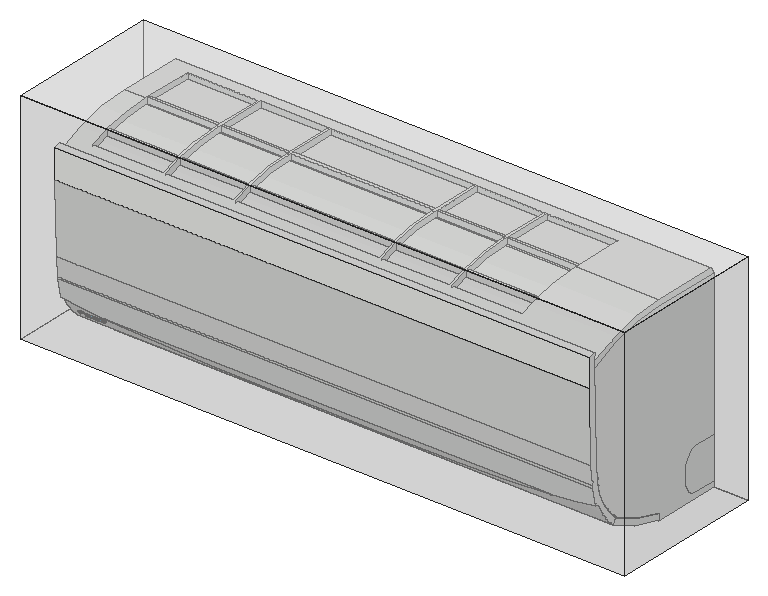
Revit family "outputfile", category 機械設備, Revit 2024
Family settings
  丸型コネクタ寸法 = 半径を使用
  パーツ タイプ = 標準
  OmniClass 番号 = 23.75.10.24.21.27.27
  OmniClass タイトル = Split System Air Conditioning Units
  作業面ベース = いいえ
  常に垂直 = はい
  ロード時にボイドで切り取り = いいえ
  注釈の向きを維持 = いいえ
  共有 = いいえ
  部屋計算ポイント = いいえ
Parameters (values of type "CTXM25RVMA")
  Description = ""
  書き出し IFC クラス(タイプ) = "IfcUnitaryEquipmentType"
  定義済み IFC タイプ(タイプ) = "AIRCONDITIONINGUNIT"
  Cost = 0
  Type Comments = ""
  Keynote = ""
  Type Image = (empty or 0)
  Assembly Code = ""
  w_wall hole = if(Width = 770.0 mm, 48.0 mm, if(Width = 990.0 mm, 60.0 mm, 89.0 mm))  # 48.0 mm
  製造元 = "Daikin"
  モデル = "CTXM25RVMA"
  switch_frequency = yes
  r_Liquid Pipe Size = Liquid Pipe Size / 2  # 3.2 mm
  r_Gas Pipe Size = Gas Pipe Size / 2  # 4.75 mm
  r_Drain Pipe Size = Drain Pipe Size / 2  # 8.0 mm
  lw_powersupply [instance] = if(Width = 770.0 mm, if(or(Rear Right Connection_refrigerant, Bottom Right Connection_refrigerant), 25.0 mm, if(or(Rear Left Connection_refrigerant, Bottom Left Connection_refrigerant), 745.0 mm, 400.0 mm)), if(Width = 990.0 mm, if(or(Rear Right Connection_refrigerant, Bottom Right Connection_refrigerant), 40.0 mm, if(or(Rear Left Connection_refrigerant, Bottom Left Connection_refrigerant), 920.0 mm, 400.0 mm)), if(Width = 1200.0 mm, if(or(Rear Right Connection_refrigerant, Bottom Right Connection_refrigerant), 89.0 mm - 19.0 mm, if(or(Rear Left Connection_refrigerant, Bottom Left Connection_refrigerant), 675.0 mm + (990.0 mm - 770.0 mm) + 145.0 mm + 22.0 mm + 89.0 mm, 400.0 mm)), if(or(Rear Right Connection_refrigerant, Bottom Right Connection_refrigerant), 89.0 mm - 19.0 mm, if(or(Rear Left Connection_refrigerant, Bottom Left Connection_refrigerant), 675.0 mm + (990.0 mm - 770.0 mm) + 145.0 mm + 22.0 mm + 89.0 mm, 400.0 mm)))))  # 400.0 mm
  lw_liquidpipe [instance] = if(Width = 770.0 mm, if(or(Rear Right Connection_refrigerant, Bottom Right Connection_refrigerant), 0.0 mm, if(or(Rear Left Connection_refrigerant, Bottom Left Connection_refrigerant), 664.0 mm, 385.0 mm)), if(Width = 990.0 mm, if(or(Rear Right Connection_refrigerant, Bottom Right Connection_refrigerant), 0.0 mm, if(or(Rear Left Connection_refrigerant, Bottom Left Connection_refrigerant), 664.0 mm + (990.0 mm - 770.0 mm), 475.0 mm)), if(Width = 1200.0 mm, if(or(Rear Right Connection_refrigerant, Bottom Right Connection_refrigerant), 0.0 mm, if(or(Rear Left Connection_refrigerant, Bottom Left Connection_refrigerant), 664.0 mm + (990.0 mm - 770.0 mm) + 145.0 mm, 460.0 mm)), if(or(Rear Right Connection_refrigerant, Bottom Right Connection_refrigerant), 0.0 mm, if(or(Rear Left Connection_refrigerant, Bottom Left Connection_refrigerant), 664.0 mm + (990.0 mm - 770.0 mm) + 145.0 mm, 460.0 mm)))))  # 385.0 mm
  lw_gaspipe [instance] = if(Width = 770.0 mm, if(or(Rear Right Connection_refrigerant, Bottom Right Connection_refrigerant), 0.0 mm, if(or(Rear Left Connection_refrigerant, Bottom Left Connection_refrigerant), 675.0 mm, if(Gas Pipe Size = 12.7 mm, 345.0 mm, 335.0 mm))), if(Width = 990.0 mm, if(or(Rear Right Connection_refrigerant, Bottom Right Connection_refrigerant), 10.0 mm, if(or(Rear Left Connection_refrigerant, Bottom Left Connection_refrigerant), 890.0 mm, if(Gas Pipe Size = 15.9 mm, 410.0 mm, 400.0 mm))), if(Width = 1200.0 mm, if(or(Rear Right Connection_refrigerant, Bottom Right Connection_refrigerant), 10.0 mm, if(or(Rear Left Connection_refrigerant, Bottom Left Connection_refrigerant), 675.0 mm + (990.0 mm - 770.0 mm) + 145.0 mm, 400.0 mm)), if(or(Rear Right Connection_refrigerant, Bottom Right Connection_refrigerant), 10.0 mm, if(or(Rear Left Connection_refrigerant, Bottom Left Connection_refrigerant), 675.0 mm + (990.0 mm - 770.0 mm) + 145.0 mm, 400.0 mm)))))  # 335.0 mm
  lw_drainpipe [instance] = if(Width = 770.0 mm, if(or(Rear Right Connection_refrigerant, Bottom Right Connection_refrigerant), 0.0 mm, if(or(Rear Left Connection_refrigerant, Bottom Left Connection_refrigerant), 770.0 mm - 48.0 mm - 48.0 mm, 440.0 mm)), if(Width = 990.0 mm, if(or(Rear Right Connection_refrigerant, Bottom Right Connection_refrigerant), 0.0 mm, if(or(Rear Left Connection_refrigerant, Bottom Left Connection_refrigerant), 675.0 mm + (990.0 mm - 770.0 mm), 435.0 mm)), if(Width = 1200.0 mm, if(or(Rear Right Connection_refrigerant, Bottom Right Connection_refrigerant), 0.0 mm, if(or(Rear Left Connection_refrigerant, Bottom Left Connection_refrigerant), 675.0 mm + (990.0 mm - 770.0 mm) + 145.0 mm, 465.0 mm)), if(or(Rear Right Connection_refrigerant, Bottom Right Connection_refrigerant), 0.0 mm, if(or(Rear Left Connection_refrigerant, Bottom Left Connection_refrigerant), 675.0 mm + (990.0 mm - 770.0 mm) + 145.0 mm, 465.0 mm)))))  # 440.0 mm
  l_powersupply_length [instance] = if(Width = 770.0 mm, if(Right Connection_refrigerant, 400.0 mm, if(Left Connection_refrigerant, 770.0 mm - 400.0 mm, if(or(Rear Left Connection_refrigerant, Rear Right Connection_refrigerant), 15.0 mm, 50.0 mm))), if(Width = 990.0 mm, if(Right Connection_refrigerant, 400.0 mm, if(Left Connection_refrigerant, 990.0 mm - 400.0 mm, if(or(Rear Left Connection_refrigerant, Rear Right Connection_refrigerant), 15.0 mm, 50.0 mm))), if(Width = 1200.0 mm, if(Right Connection_refrigerant, 400.0 mm, if(Left Connection_refrigerant, 1200.0 mm - 400.0 mm, if(or(Rear Left Connection_refrigerant, Rear Right Connection_refrigerant), 15.0 mm, 50.0 mm))), if(Right Connection_refrigerant, 400.0 mm, if(Left Connection_refrigerant, 1200.0 mm - 400.0 mm, if(or(Rear Left Connection_refrigerant, Rear Right Connection_refrigerant), 15.0 mm, 50.0 mm))))))  # 400.0 mm
  l_liquidpipe_length [instance] = if(Width = 770.0 mm, if(Right Connection_refrigerant, 433.0 mm, if(Left Connection_refrigerant, 337.0 mm, if(or(Rear Left Connection_refrigerant, Rear Right Connection_refrigerant), 30.0 mm, 40.0 mm))), if(Width = 990.0 mm, if(Right Connection_refrigerant, 535.0 mm, if(Left Connection_refrigerant, 455.0 mm, if(or(Rear Left Connection_refrigerant, Rear Right Connection_refrigerant), 30.0 mm, 40.0 mm))), if(Width = 1200.0 mm, if(Right Connection_refrigerant, 549.0 mm, if(Left Connection_refrigerant, 1200.0 mm - 549.0 mm, if(or(Rear Left Connection_refrigerant, Rear Right Connection_refrigerant), 30.0 mm, 40.0 mm))), if(Right Connection_refrigerant, 549.0 mm, if(Left Connection_refrigerant, 1200.0 mm - 549.0 mm, if(or(Rear Left Connection_refrigerant, Rear Right Connection_refrigerant), 30.0 mm, 40.0 mm))))))  # 433.0 mm
  l_gaspipe_length [instance] = if(Width = 770.0 mm, if(Right Connection_refrigerant, if(Gas Pipe Size = 12.7 mm, 393.0 mm, 383.0 mm), if(Left Connection_refrigerant, if(Gas Pipe Size = 12.7 mm, 770.0 mm - 393.0 mm, 770.0 mm - 383.0 mm), if(or(Rear Left Connection_refrigerant, Rear Right Connection_refrigerant), 40.0 mm, 50.0 mm))), if(Width = 990.0 mm, if(Right Connection_refrigerant, if(Gas Pipe Size = 15.9 mm, 470.0 mm, 460.0 mm), if(Left Connection_refrigerant, if(Gas Pipe Size = 15.9 mm, 990.0 mm - 470.0 mm, 990.0 mm - 460.0 mm), if(or(Rear Left Connection_refrigerant, Rear Right Connection_refrigerant), 40.0 mm, 50.0 mm))), if(Width = 1200.0 mm, if(Right Connection_refrigerant, 489.0 mm, if(Left Connection_refrigerant, 1200.0 mm - 489.0 mm, if(or(Rear Left Connection_refrigerant, Rear Right Connection_refrigerant), 40.0 mm, 50.0 mm))), if(Right Connection_refrigerant, 489.0 mm, if(Left Connection_refrigerant, 1200.0 mm - 489.0 mm, if(or(Rear Left Connection_refrigerant, Rear Right Connection_refrigerant), 40.0 mm, 50.0 mm))))))  # 383.0 mm
  l_drainpipe_length [instance] = if(Width = 770.0 mm, if(Right Connection_refrigerant, 488.0 mm, if(Left Connection_refrigerant, 282.0 mm, if(or(Rear Left Connection_refrigerant, Rear Right Connection_refrigerant), 15.0 mm, 20.0 mm))), if(Width = 990.0 mm, if(Right Connection_refrigerant, 495.0 mm, if(Left Connection_refrigerant, 495.0 mm, if(or(Rear Left Connection_refrigerant, Rear Right Connection_refrigerant), 15.0 mm, 20.0 mm))), if(Width = 1200.0 mm, if(Right Connection_refrigerant, 554.0 mm, if(Left Connection_refrigerant, 1200.0 mm - 554.0 mm, if(or(Rear Left Connection_refrigerant, Rear Right Connection_refrigerant), 15.0 mm, 20.0 mm))), if(Right Connection_refrigerant, 554.0 mm, if(Left Connection_refrigerant, 1200.0 mm - 554.0 mm, if(or(Rear Left Connection_refrigerant, Rear Right Connection_refrigerant), 15.0 mm, 20.0 mm))))))  # 488.0 mm
  h*** = 0.0 mm  # constant formula
  connector_voltage = Voltage_50Hz  # 230 V
  connector_powerinput = if([Power Input (Cooling)] > [Power Input (Heating)], [Power Input (Cooling)], [Power Input (Heating)])  # 0.000 kW
  connector_phase = Phase_50Hz  # 1
  angle_vertical [instance] = if(or(Bottom Left Connection_refrigerant, Bottom Right Connection_refrigerant), 0.00°, 90.00°)  # 90.00°
  angle_horizontal [instance] = if(Right Connection_refrigerant, 90.00°, if(Left Connection_refrigerant, -90.00°, if(or(Rear Left Connection_refrigerant, Rear Right Connection_refrigerant), 180.00°, 0.00°)))  # 90.00°
  Width = 770.0 mm
  Voltage_comment_50Hz = "220 - 240"
  Voltage_50Hz = 230 V
  Version = "ver.1.0"
  Unit Type = "Wall Mounted"
  Unit Mass Weight = 9.00 kg
  Unit Designation [instance] = ""
  Uniclass2015Version = "Products v1.30"
  Uniclass2015Title = "Split coil room air conditioning units"
  Uniclass2015Code = "Pr_70_65_03_86"
  URL = ""
  Total Heating Capacity [instance] = 0.000 kW
  Total Cooling Capacity [instance] = 0.000 kW
  Sound Pressure Level_M speed (dBA) = 32
  Sound Pressure Level_L speed (dBA) = 25
  Sound Pressure Level_H speed (dBA) = 40
  Sound Power Level_H speed (dB) = 0
  Series = "Multi Split_Fan Coil Unit"
  Sensible Cooling Capacity [instance] = 0.000 kW
  Refrigerant Type = "R32"
  Power Input (Heating) = 0.000 kW
  Power Input (Cooling) = 0.000 kW
  Phase_50Hz = 1
  Option Accessory 3 [instance] = ""
  Option Accessory 2 [instance] = ""
  Option Accessory 1 [instance] = ""
  Nominal Heating Capacity = 3.400 kW
  Nominal Cooling Capacity = 2.500 kW
  Minimum Circuit Amps_50Hz = 0.0 A
  Minimum Airflow = 342.00 m³/h
  Median Airflow = 432.00 m³/h
  Maximum Fuse Amps_50Hz = 0.0 A
  Maximum Airflow = 624.00 m³/h
  Material_Casing = DAIKIN_White_Casing_indoorunit
  Load Classification = HVAC
  Liquid Pipe Size = 6.4 mm
  Link_Nested Family [instance] = ""
  IfcVersion = ""
  IfcExportType = "AIRCONDITIONINGUNIT"
  IfcExportAs = "IfcUnitaryEquipmentType"
  Height = 285.0 mm
  Heating Entering Wet Bulb Temperature [instance] = 0.00 °C
  Heating Entering Dry Bulb Temperature [instance] = 0.00 °C
  Heating Ambient Wet Bulb Temperature [instance] = 0.00 °C
  Heating Ambient Dry Bulb Temperature [instance] = 0.00 °C
  Heat Exchanger Type = "Cross Fin Coil"
  Gas Pipe Size = 9.5 mm
  Frequency_50Hz = 50 Hz
  Fan Type = "Cross Flow Fan"
  Fan Drive = "Direct Drive"
  FCU Tag No. [instance] = ""
  Drain Pipe Size = 16.0 mm
  Design Supply Airflow [instance] = 0.00 m³/h
  Depth = 223.0 mm
  既定の高さ = 0.0 mm
  Cooling Entering Wet Bulb Temperature [instance] = 0.00 °C
  Cooling Entering Dry Bulb Temperature [instance] = 0.00 °C
  Cooling Ambient Wet Bulb Temperature [instance] = 0.00 °C
  Cooling Ambient Dry Bulb Temperature [instance] = 0.00 °C
  Clearance visibility [instance] = yes
  Clearance Top = 30.0 mm
  Clearance Right = 50.0 mm
  Clearance Rear = 0.0 mm
  Clearance Left = 50.0 mm
  Clearance Front = 0.0 mm
  Clearance Bottom = 0.0 mm
  Bottom Right Connection_refrigerant [instance] = no
  Bottom Left Connection_refrigerant [instance] = no
  Rear Right Connection_refrigerant [instance] = no
  Rear Left Connection_refrigerant [instance] = no
  Right Connection_refrigerant [instance] = yes
  Left Connection_refrigerant [instance] = no
Reference planes
  plane 1 "Back": y = 0
  plane 2: z = 0
  plane 3 "Center (Left/Right)": x = 0
  plane 4 "Center (Front/Back)": y = -111.5
  plane 5 "Front": y = -223
  plane 6 "Left": x = -385
  plane 7 "Right": x = 385
  plane 8 "Top": z = 0
  plane 9 "Bottom": z = -285
  plane 10: x = -435
  plane 11: x = 435
  plane 12: y = 0
  plane 13: y = -223
  plane 14: z = 30
  plane 15: z = -285
  plane 16 "lw_Piping and Wiring intake": x = 337
  plane 17 "lw_gaspipe": x = 2
  plane 18 "lw_liquidpipe": x = -48
  plane 19 "lw_drainpipe": x = -103
  plane 20 "lh_drainpipe": z = -265
  plane 21 "lh_liquidpipe": z = -245
  plane 22 "lh_gaspipe": z = -235
  plane 23 "ld_drainpipe": y = -15
  plane 24 "ld_liquidpipe": y = -30
  plane 25 "ld_gaspipe": y = -40
  plane 26 "lw_powersupply": x = -15
Dimensions and locks
  equal spacing: plane 6 "Left", plane 3 "Center (Left/Right)", plane 7 "Right"
  "Width": plane 6 "Left" to plane 7 "Right"
  equal spacing: plane 5 "Front", plane 4 "Center (Front/Back)", plane 1 "Back"
  "Depth": plane 5 "Front" to plane 1 "Back"
  "Height": plane 8 "Top" to plane 9 "Bottom"
  "Clearance Rear": plane 12 to plane 1 "Back"
  "Clearance Front": plane 13 to plane 5 "Front"
  "Clearance Top": plane 14 to plane 8 "Top"
  "Clearance Bottom": plane 9 "Bottom" to plane 15
  "w_wall hole": plane 16 "lw_Piping and Wiring intake" to plane 7 "Right"
  "lw_gaspipe": plane 17 "lw_gaspipe" to plane 16 "lw_Piping and Wiring intake"
  "lw_liquidpipe": plane 18 "lw_liquidpipe" to plane 16 "lw_Piping and Wiring intake"
  "lw_drainpipe": plane 19 "lw_drainpipe" to plane 16 "lw_Piping and Wiring intake"
  locked: plane 20 "lh_drainpipe" to plane 9 "Bottom" at 20
  locked: plane 21 "lh_liquidpipe" to plane 9 "Bottom" at 40
  locked: plane 22 "lh_gaspipe" to plane 9 "Bottom" at 50
  locked: plane 23 "ld_drainpipe" to plane 1 "Back" at 15
  locked: plane 1 "Back" to plane 24 "ld_liquidpipe" at 30
  locked: plane 1 "Back" to plane 25 "ld_gaspipe" at 40
  "lw_powersupply": plane 26 "lw_powersupply" to plane 7 "Right"
  "Clearance Right": plane 7 "Right" to plane 11
  "Clearance Left": plane 10 to plane 6 "Left"
  aligned and locked: level to plane 2
  aligned and locked: plane 12 to nested 1
  aligned and locked: nested 1 to plane 13
  aligned and locked: plane 10 to nested 1
  aligned and locked: plane 11 to nested 1
  aligned and locked: plane 15 to nested 1
  aligned and locked: plane 14 to nested 1
  aligned and locked: plane 17 "lw_gaspipe" to nested 2
  aligned and locked: nested 2 to plane 25 "ld_gaspipe"
  aligned and locked: plane 18 "lw_liquidpipe" to nested 3
  aligned and locked: nested 3 to plane 24 "ld_liquidpipe"
  aligned and locked: plane 19 "lw_drainpipe" to nested 4
  aligned and locked: nested 4 to plane 23 "ld_drainpipe"
  aligned and locked: nested 5 to plane 23 "ld_drainpipe"
  aligned and locked: plane 26 "lw_powersupply" to nested 5
  aligned and locked: level to plane 8 "Top"
  aligned and locked: plane 3 "Center (Left/Right)" to nested 6
  aligned and locked: plane 1 "Back" to nested 6
  aligned and locked: plane 8 "Top" to nested 6
Nested families
  nested 1: "daikin_clearancespace" at (0, -111.5, -127.381), show <- "Clearance visibility", visible <- "Clearance visibility", Link_Nested Family <- "Link_Nested Family", type "daikin_clearancespace"
    with width 870.0 mm, show yes, height 315.0 mm, depth 223.0 mm, Link_Nested Family ""
  nested 2: "daikin_connector_rotate3" at (2, -40, -235), angle_vertical <- "angle_vertical", angle_horizontal <- "angle_horizontal", length <- "l_gaspipe_length", radius <- "r_Gas Pipe Size", type "daikin_connector_rotate3"
    with show no, radius 4.75 mm, length 383.0 mm, angle_vertical 90.00°, angle_horizontal 90.00°
  nested 3: "daikin_connector_rotate3" at (-48, -30, -245), angle_vertical <- "angle_vertical", angle_horizontal <- "angle_horizontal", radius <- "r_Liquid Pipe Size", length <- "l_liquidpipe_length", type "daikin_connector_rotate3"
    with show no, radius 3.2 mm, length 433.0 mm, angle_vertical 90.00°, angle_horizontal 90.00°
  nested 4: "daikin_connector_rotate3" at (-103, -15, -265), angle_vertical <- "angle_vertical", angle_horizontal <- "angle_horizontal", length <- "l_drainpipe_length", radius <- "r_Drain Pipe Size", type "daikin_connector_rotate3"
    with show no, radius 8.0 mm, length 488.0 mm, angle_vertical 90.00°, angle_horizontal 90.00°
  nested 5: "daikin_connector_rotate3" at (-15, -15, -235), angle_vertical <- "angle_vertical", angle_horizontal <- "angle_horizontal", length <- "l_powersupply_length", type "daikin_connector_rotate3"
    with show no, radius 10.0 mm, length 400.0 mm, angle_vertical 90.00°, angle_horizontal 90.00°
  nested 6: "DAIKIN_indoorunit_CTXM-RVMA" at (-31, 0, 0), type "CTXM-RVMA"
Connectors
  piping at (385, -40, -235), diameter 9.5, driven by "r_Gas Pipe Size"
    settings: on nested 2, index 1, connector inside diameter 609.6 mm, connector length 0.0 mm, flow factor 0, pipe flow 0.00 m³/h, pressure drop 0.0 Pa, fitting loss kfactor 0, connector angle 0.00°, fixture units 0, engagement length 0.0 mm, angle of deflection 0.00°, flow configuration 1, flow direction 2, fitting loss method 0, system type 29, joint type 0, gender type 0, connector reference index -1, connector utility 0, adjustable connector no, is connector primary yes, connector description "Refrigerant Gas Piping"
  piping at (385, -30, -245), diameter 6.4, driven by "r_Liquid Pipe Size"
    settings: on nested 3, index 2, connector inside diameter 609.6 mm, connector length 0.0 mm, flow factor 0, pipe flow 0.00 m³/h, pressure drop 0.0 Pa, fitting loss kfactor 0, connector angle 0.00°, fixture units 0, engagement length 0.0 mm, angle of deflection 0.00°, flow configuration 1, flow direction 1, fitting loss method 0, system type 29, joint type 0, gender type 0, connector reference index -1, connector utility 0, adjustable connector no, is connector primary no, connector description "Refrigerant Liquid Piping"
  piping at (385, -15, -265), diameter 16, driven by "r_Drain Pipe Size"
    settings: on nested 4, index 3, connector inside diameter 609.6 mm, connector length 0.0 mm, flow factor 0, pipe flow 0.00 m³/h, pressure drop 0.0 Pa, fitting loss kfactor 0, connector angle 0.00°, fixture units 0, engagement length 0.0 mm, angle of deflection 0.00°, flow configuration 1, flow direction 2, fitting loss method 4, system type 16, joint type 0, gender type 0, connector reference index -1, connector utility 0, adjustable connector no, is connector primary no, connector description "Condensate Drain Piping"
  electrical at (385, -15, -235), driven by "Load Classification", driven by "connector_voltage", driven by "connector_phase", driven by "connector_powerinput"
    settings: on nested 5, index 4, voltage 230 V, apparent load 0 VA, apparent load phase1 0 VA, apparent load phase2 0 VA, apparent load phase3 0 VA, power factor 1, load classification "HVAC", number of poles 1, system type 30, power factor state 1, is connector primary yes, connector utility no, sub classification motor no, connector description "Power Supply"
Definition of nested family "daikin_clearancespace"
  Parameters (values of type "daikin_clearancespace")
    Description = "daikin_clearancespace"
    width [instance] = 1823.963 mm
    show [instance] = yes
    material = none
    height [instance] = 1359.762 mm
    depth [instance] = 880.0 mm
    Default Elevation = 0.0 mm
    Link_Nested Family [instance] = ""
  Reference planes
    plane 1 "Center (Front/Back)": y = 0
    plane 2 "Center (Elevation)": z = -0.119
    plane 3 "Center (Left/Right)": x = 0
    plane 4: y = 440
    plane 5: y = -440
    plane 6 "Right": x = 911.982
    plane 7 "Left": x = -911.982
    plane 8 "Top": z = 679.762
    plane 9 "Bottom": z = -680
  Forms (mm)
    Extrusion 1, solid, material <- "material", visible <- "show"
      sketch origin (0, 0, 0) x (1, 0, 0) y (0, 1, 0)
        loop
          line (-911.982, 440) -> (-911.982, -440) -> (911.982, -440) -> (911.982, 440) -> (-911.982, 440)
      from -680 to 679.762
  Lines and regions (mm)
    symbolic lines, visible <- "show"
      curve 1: line (911.982, 440, 0) -> (-911.982, 440, 0)
      curve 2: line (-911.982, 440, 0) -> (-911.982, -440, 0)
      curve 3: line (-911.982, -440, 0) -> (911.982, -440, 0)
      curve 4: line (911.982, -440, 0) -> (911.982, 440, 0)
      curve 5: line (911.982, 0, 679.762) -> (-911.982, 0, 679.762)
      curve 6: line (911.982, 0, -680) -> (911.982, 0, 679.762)
      curve 7: line (-911.982, 0, -680) -> (911.982, 0, -680)
      curve 8: line (-911.982, 0, 679.762) -> (-911.982, 0, -680)
      curve 9: line (0, 440, 679.762) -> (0, -440, 679.762)
      curve 10: line (0, -440, 679.762) -> (0, -440, -680)
      curve 11: line (0, 440, -680) -> (0, 440, 679.762)
      curve 12: line (0, -440, -680) -> (0, 440, -680)
  Dimensions and locks
    "width": plane 7 "Left" to plane 6 "Right"
    "depth": plane 4 to plane 5
    "height": plane 8 "Top" to plane 9 "Bottom"
    equal spacing: plane 7 "Left", plane 3 "Center (Left/Right)", plane 6 "Right"
    equal spacing: plane 4, plane 1 "Center (Front/Back)", plane 5
    equal spacing: plane 8 "Top", plane 2 "Center (Elevation)", plane 9 "Bottom"
    aligned and locked: level to plane 2 "Center (Elevation)"
    aligned and locked: Extrusion 1 sketch curve to plane 4
    aligned and locked: plane 7 "Left" to Extrusion 1 sketch curve
    aligned and locked: Extrusion 1 sketch curve to plane 5
    aligned and locked: Extrusion 1 sketch curve to plane 6 "Right"
    aligned and locked: plane 8 "Top" to Extrusion 1
    aligned and locked: curve 1 to Extrusion 1
    aligned and locked: curve 2 to Extrusion 1
    aligned and locked: curve 3 to Extrusion 1
    aligned and locked: curve 4 to Extrusion 1
    aligned and locked: curve 5 to Extrusion 1
    aligned and locked: curve 6 to Extrusion 1
    aligned and locked: curve 7 to Extrusion 1
    aligned and locked: curve 8 to Extrusion 1
    aligned and locked: curve 9 to Extrusion 1
    aligned and locked: curve 10 to Extrusion 1
    aligned and locked: curve 11 to Extrusion 1
    aligned and locked: curve 12 to Extrusion 1
    aligned and locked: Extrusion 1 to plane 9 "Bottom"
Definition of nested family "DAIKIN_indoorunit_CTXM-RVMA"
  Parameters (values of type "CTXM-RVMA")
    switch_unit1_85-95 = Width = 1200.0 mm  # no
    switch_unit1_50-71 = Width = 990.0 mm  # no
    switch_unit1_20-46 = Width = 770.0 mm  # yes
    Width = 770.0 mm
    WALL HOLE_L = if(Width = 1200.0 mm, 65.0 mm, 48.0 mm)  # 48.0 mm
    WALL HOLE_H = if(Width = 1200.0 mm, 45.0 mm, 44.5 mm)  # 44.5 mm
    WALL HOLE-R = if(Width = 770.0 mm, 48.0 mm, if(Width = 990.0 mm, 60.0 mm, 89.0 mm))  # 48.0 mm
    WALL HOLE Size = if(Width = 770.0 mm, 65.0 mm, 80.0 mm)  # 65.0 mm
    Material_Casing = none
    Height = if(Width = 770.0 mm, 285.0 mm, if(Width = 990.0 mm, 295.0 mm, 340.0 mm))  # 285.0 mm
    Default Elevation = 0.0 mm
  Reference planes
    plane 1 "Center (Front/Back)": y = 0
    plane 2 "reference_level": z = 0
    plane 3 "Center (Left/Right)": x = 31
    plane 4: x = -354
    plane 5: x = 416
    plane 6: z = -285
  Forms (mm)
    Extrusion 1, solid, material <- "Material_Casing", visible <- "switch_unit1_20-46"
      sketch origin (29, 0, 0) x (0, 1, 0) y (0, 0, 1)
        loop
          line (-5, 0) -> (-98, 0)
          arc (-98, 0) -> (-157.611, -7.211) -> (-213.783, -28.427) r 250
          arc (-213.783, -28.427) -> (-213.842, -32.972) -> (-213.892, -37.516) r 2191
          arc (-213.892, -37.516) -> (-157.832, -15.495) -> (-98.07, -8) r 242
          line (-98.07, -8) -> (0, -8) -> (-5, 0)
      from -383 to 387
    Extrusion 2, solid, material <- "Material_Casing", visible <- "switch_unit1_20-46"
      sketch origin (416, 1296.25, 1200) x (0, 1, 0) y (0, 0, 1)
        loop
          line (-1472.998, -1446.91) -> (-1476.998, -1453.839)
          arc (-1476.998, -1453.839) -> (-1437.481, -1472.422) -> (-1395.25, -1483.538) r 240
          line (-1395.25, -1483.538) -> (-1395.25, -1475.422)
          arc (-1395.25, -1475.422) -> (-1435.407, -1464.663) -> (-1472.998, -1446.91) r 232
      from 0 to -47.5
    Extrusion 3, solid, material <- "Material_Casing", visible <- "switch_unit1_20-46"
      sketch origin (29, 0, 0) x (0, 1, 0) y (0, 0, 1)
        loop
          arc (-223, -60.455) -> (-222.414, -110.646) -> (-220.656, -160.81) r 2149.92
          arc (-220.656, -160.81) -> (-219.65, -174.299) -> (-217.853, -187.706) r 229.911
          arc (-217.853, -187.706) -> (-205.371, -223.594) -> (-181.517, -253.17) r 111
          line (-181.517, -253.17) -> (-177.429, -246.093)
          arc (-177.429, -246.093) -> (-198.77, -218.989) -> (-209.965, -186.36) r 103
          arc (-209.965, -186.36) -> (-211.681, -173.586) -> (-212.651, -160.735) r 221.844
          arc (-212.651, -160.735) -> (-214.739, -93.233) -> (-214.74, -25.699) r 2186.828
          arc (-214.74, -25.699) -> (-214.671, -21.467) -> (-214.594, -17.235) r 2192
          line (-214.594, -17.235) -> (-223, -19.961) -> (-223, -60.455)
      from -383 to 387
    Extrusion 4, solid, material <- "Material_Casing", visible <- "switch_unit1_20-46"
      sketch origin (29, 0, 0) x (0, 1, 0) y (0, 0, 1)
        loop
          line (-181.517, -253.17) -> (-179.597, -249.846)
          arc (-179.597, -249.846) -> (-202.009, -221.399) -> (-213.189, -186.952) r 103
          line (-213.189, -186.952) -> (-217.853, -187.706)
          arc (-217.853, -187.706) -> (-217.533, -189.556) -> (-217.182, -191.4) r 111
          arc (-217.182, -191.4) -> (-213.806, -208.181) -> (-210.362, -224.948) r 4257.809
          arc (-210.362, -224.948) -> (-198.886, -237.857) -> (-186.225, -249.607) r 180
          line (-186.225, -249.607) -> (-181.517, -253.17)
      from -383 to 387
    Extrusion 5, solid, material <- "Material_Casing", visible <- "switch_unit1_20-46"
      sketch origin (29, 0, -20) x (0, 1, 0) y (0, 0, 1)
        loop
          line (0, -265) -> (0, 12) -> (-98.07, 12)
          arc (-98.07, 12) -> (-157.832, 4.505) -> (-213.892, -17.516) r 242
          arc (-213.892, -17.516) -> (-213.638, -79.114) -> (-211.653, -140.681) r 2191
          arc (-211.653, -140.681) -> (-210.685, -153.501) -> (-208.973, -166.243) r 221
          arc (-208.973, -166.243) -> (-197.471, -199.282) -> (-175.482, -226.491) r 102
          arc (-175.482, -226.491) -> (-138.004, -244.019) -> (-98, -254.579) r 231
          line (-98, -254.579) -> (-98, -265) -> (0, -265)
      from -383 to 387
    Extrusion 6, solid, material <- "Material_Casing", visible <- "switch_unit1_20-46"
      sketch origin (-354, 1296.25, 1200) x (0, 1, 0) y (0, 0, 1)
        loop
          line (-1472.998, -1446.91) -> (-1476.998, -1453.839)
          arc (-1476.998, -1453.839) -> (-1437.481, -1472.422) -> (-1395.25, -1483.538) r 240
          line (-1395.25, -1483.538) -> (-1395.25, -1475.422)
          arc (-1395.25, -1475.422) -> (-1435.407, -1464.663) -> (-1472.998, -1446.91) r 232
      from 47 to 0
    Extrusion 7, solid, material <- "Material_Casing", visible <- "switch_unit1_20-46"
      sketch origin (416, 1296.25, 1200) x (0, 1, 0) y (0, 0, 1)
        loop
          line (-1472.998, -1446.91) -> (-1476.998, -1453.839)
          arc (-1476.998, -1453.839) -> (-1443.437, -1470.168) -> (-1407.75, -1481.097) r 240
          line (-1407.75, -1481.097) -> (-1407.75, -1472.894)
          arc (-1407.75, -1472.894) -> (-1441.363, -1462.385) -> (-1472.998, -1446.91) r 232
      from -116.993 to -48.493
    Extrusion 8, solid, material <- "Material_Casing", visible <- "switch_unit1_20-46"
      sketch origin (416, 1296.25, 1200) x (0, 1, 0) y (0, 0, 1)
        loop
          line (-1472.998, -1446.91) -> (-1476.998, -1453.839)
          arc (-1476.998, -1453.839) -> (-1443.437, -1470.168) -> (-1407.75, -1481.097) r 240
          line (-1407.75, -1481.097) -> (-1407.75, -1472.894)
          arc (-1407.75, -1472.894) -> (-1441.363, -1462.385) -> (-1472.998, -1446.91) r 232
      from -717 to -121.993
    Extrusion 9, void
      sketch origin (31, 0, -235) x (1, 0, 0) y (0, 1, 0)
        loop
          line (-252.674, -22.316) -> (-354.941, -22.316) -> (-354.941, -91.341) -> (-252.674, -91.341) -> (-252.674, -22.316)
        loop
          line (-249.341, -91.341) -> (-151.574, -91.341) -> (-151.574, -22.316) -> (-249.341, -22.316) -> (-249.341, -91.341)
        loop
          line (58.309, -22.316) -> (-148.309, -22.316) -> (-148.309, -91.341) -> (58.309, -91.341) -> (58.309, -22.316)
        loop
          line (61.689, -22.316) -> (61.689, -91.341) -> (159.457, -91.341) -> (159.457, -22.316) -> (61.689, -22.316)
        loop
          line (162.789, -22.316) -> (162.789, -91.341) -> (265.057, -91.341) -> (265.057, -22.316) -> (162.789, -22.316)
        loop
          line (-354.941, -94.659) -> (-354.941, -165.259) -> (-252.674, -165.259) -> (-252.674, -94.659) -> (-354.941, -94.659)
        loop
          line (-249.341, -94.659) -> (-249.341, -165.259) -> (-151.574, -165.259) -> (-151.574, -94.659) -> (-249.341, -94.659)
        loop
          line (-148.309, -94.659) -> (-148.309, -165.259) -> (58.309, -165.259) -> (58.309, -94.659) -> (-148.309, -94.659)
        loop
          line (61.689, -94.659) -> (61.689, -165.259) -> (159.457, -165.259) -> (159.457, -94.659) -> (61.689, -94.659)
        loop
          line (162.789, -94.659) -> (162.789, -165.259) -> (265.057, -165.259) -> (265.057, -94.659) -> (162.789, -94.659)
        loop
          line (-354.941, -167.382) -> (-354.941, -192.681) -> (-252.674, -192.681) -> (-252.674, -167.382) -> (-354.941, -167.382)
        loop
          line (-249.341, -167.382) -> (-249.341, -192.681) -> (-151.574, -192.681) -> (-151.574, -167.382) -> (-249.341, -167.382)
        loop
          line (-148.309, -167.382) -> (-148.309, -192.681) -> (58.309, -192.681) -> (58.309, -167.382) -> (-148.309, -167.382)
        loop
          line (159.457, -167.382) -> (61.689, -167.382) -> (61.689, -192.681) -> (159.457, -192.681) -> (159.457, -167.382)
        loop
          line (265.057, -167.382) -> (162.789, -167.382) -> (162.789, -192.681) -> (265.057, -192.681) -> (265.057, -167.382)
      from 201.638 to 250
    Extrusion 10, void
      sketch origin (31, 0, 0) x (1, 0, 0) y (0, 0, 1)
        loop
          arc (597, -174.907) -> (0.056, -245.263) -> (-597, -175.856) r 2585.042
          line (-597, -175.856) -> (-597, -352.872) -> (597, -352.872) -> (597, -174.907)
      from 173 to 315.3
    Extrusion 11, solid, material <- "Material_Casing"
      sketch origin (31, 0, 0) x (1, 0, 0) y (0, 0, 1)
        loop
          circle (337, -240.5) r 32.5
        loop
          circle (-337, -240.5) r 32.5
      from 0 to 5
    Extrusion 12, solid, material <- "Material_Casing", visible <- "switch_unit1_20-46"
      sketch origin (416, 1296.25, 1200) x (0, -1, 0) y (0, 0, 1)
        loop
          line (1326.25, -1417) -> (1296.25, -1417) -> (1296.25, -1477) -> (1326.25, -1477)
          arc (1326.25, -1477) -> (1340.393, -1471.142) -> (1346.25, -1457) r 20
          line (1346.25, -1457) -> (1346.25, -1437)
          arc (1346.25, -1437) -> (1340.393, -1422.858) -> (1326.25, -1417) r 20
      from 0 to 5
    Extrusion 13, solid, material <- "Material_Casing", visible <- "switch_unit1_20-46"
      sketch origin (-354, 1296.25, 1200) x (0, 1, 0) y (0, 0, 1)
        loop
          line (-1296.25, -1417) -> (-1326.25, -1417)
          arc (-1326.25, -1417) -> (-1340.393, -1422.858) -> (-1346.25, -1437) r 20
          line (-1346.25, -1437) -> (-1346.25, -1457)
          arc (-1346.25, -1457) -> (-1340.393, -1471.142) -> (-1326.25, -1477) r 20
          line (-1326.25, -1477) -> (-1296.25, -1477) -> (-1296.25, -1417)
      from 0 to 5
    Extrusion 14, solid, material <- "Material_Casing", visible <- "switch_unit1_20-46"
      sketch origin (31, 0, -285) x (-1, 0, 0) y (0, -1, 0)
        loop
          line (-314, 0) -> (-314, 30)
          arc (-314, 30) -> (-319.858, 44.142) -> (-334, 50) r 20
          line (-334, 50) -> (-354, 50)
          arc (-354, 50) -> (-368.142, 44.142) -> (-374, 30) r 20
          line (-374, 30) -> (-374, 0) -> (-314, 0)
        loop
          line (374, 0) -> (374, 30)
          arc (374, 30) -> (368.142, 44.142) -> (354, 50) r 20
          line (354, 50) -> (334, 50)
          arc (334, 50) -> (319.858, 44.142) -> (314, 30) r 20
          line (314, 30) -> (314, 0) -> (374, 0)
      from 0 to 5
    Extrusion 15, solid, material <- "Material_Casing", visible <- "switch_unit1_50-71"
      sketch origin (31, 0, 0) x (0, 1, 0) y (0, 0, 1)
        loop
          line (-5, 0) -> (-138, 0)
          arc (-138, 0) -> (-197.611, -7.211) -> (-253.783, -28.427) r 250
          arc (-253.783, -28.427) -> (-253.838, -32.687) -> (-253.886, -36.946) r 2191
          arc (-253.886, -36.946) -> (-197.73, -15.346) -> (-138.014, -8) r 246.393
          line (-138.014, -8) -> (0, -8) -> (-5, 0)
      from -495 to 495
    Extrusion 16, solid, material <- "Material_Casing", visible <- "switch_unit1_50-71"
      sketch origin (418, 1296.25, 1200) x (0, 1, 0) y (0, 0, 1)
        loop
          arc (-1515.208, -1454.149) -> (-1506.856, -1460.599) -> (-1497.925, -1466.219) r 110
          arc (-1497.925, -1466.219) -> (-1445.718, -1487.493) -> (-1389.844, -1494.995) r 223
          line (-1389.844, -1494.995) -> (-1389.844, -1486.086) -> (-1404.386, -1486.086)
          arc (-1404.386, -1486.086) -> (-1449.542, -1477.46) -> (-1491.818, -1459.402) r 214.289
          arc (-1491.818, -1459.402) -> (-1501.056, -1453.541) -> (-1509.606, -1446.715) r 101
          line (-1509.606, -1446.715) -> (-1515.208, -1454.149)
      from 108 to 57.5
    Extrusion 17, solid, material <- "Material_Casing", visible <- "switch_unit1_50-71"
      sketch origin (31, 0, 0) x (0, 1, 0) y (0, 0, 1)
        loop
          line (-263, -19.962) -> (-263, -61.6)
          arc (-263, -61.6) -> (-262.414, -110.219) -> (-260.656, -158.81) r 2017.341
          arc (-260.656, -158.81) -> (-255.648, -191.935) -> (-244.041, -223.362) r 164.725
          arc (-244.041, -223.362) -> (-233.569, -239.793) -> (-219.717, -253.495) r 87.379
          line (-219.717, -253.495) -> (-214.706, -246.846)
          arc (-214.706, -246.846) -> (-229.564, -230.029) -> (-240.385, -210.371) r 102
          arc (-240.385, -210.371) -> (-249.049, -182.962) -> (-252.848, -154.467) r 165.789
          arc (-252.848, -154.467) -> (-254.771, -90.102) -> (-254.74, -25.708) r 2122.533
          arc (-254.74, -25.708) -> (-254.671, -21.469) -> (-254.594, -17.23) r 2192
          line (-254.594, -17.23) -> (-263, -19.962)
      from -495 to 495
    Extrusion 18, void
      sketch origin (33, 0, 0) x (1, 0, 0) y (0, 1, 0)
        loop
          line (-466.909, -22.316) -> (-466.909, -111.341) -> (-366.303, -111.341) -> (-366.303, -22.316) -> (-466.909, -22.316)
        loop
          line (-362.71, -22.316) -> (-362.71, -111.341) -> (-262.103, -111.341) -> (-262.103, -22.316) -> (-362.71, -22.316)
        loop
          line (-258.51, -22.316) -> (-258.51, -111.341) -> (-157.904, -111.341) -> (-157.904, -22.316) -> (-258.51, -22.316)
        loop
          line (-154.31, -22.316) -> (-154.31, -111.341) -> (-53.704, -111.341) -> (-53.704, -22.316) -> (-154.31, -22.316)
        loop
          line (-50.11, -22.316) -> (-50.11, -111.341) -> (50.496, -111.341) -> (50.496, -22.316) -> (-50.11, -22.316)
        loop
          line (54.089, -22.316) -> (54.089, -111.341) -> (154.696, -111.341) -> (154.696, -22.316) -> (54.089, -22.316)
        loop
          line (158.289, -22.316) -> (158.289, -111.341) -> (258.895, -111.341) -> (258.895, -22.316) -> (158.289, -22.316)
        loop
          line (262.489, -22.316) -> (262.489, -111.341) -> (363.095, -111.341) -> (363.095, -22.316) -> (262.489, -22.316)
        loop
          line (-466.909, -114.459) -> (-466.909, -185.059) -> (-366.303, -185.059) -> (-366.303, -114.459) -> (-466.909, -114.459)
        loop
          line (-362.71, -114.459) -> (-362.71, -185.059) -> (-262.103, -185.059) -> (-262.103, -114.459) -> (-362.71, -114.459)
        loop
          line (-258.51, -114.459) -> (-258.51, -185.059) -> (-157.904, -185.059) -> (-157.904, -114.459) -> (-258.51, -114.459)
        loop
          line (-154.31, -114.459) -> (-154.31, -185.059) -> (-53.704, -185.059) -> (-53.704, -114.459) -> (-154.31, -114.459)
        loop
          line (-50.11, -114.459) -> (-50.11, -185.059) -> (50.496, -185.059) -> (50.496, -114.459) -> (-50.11, -114.459)
        loop
          line (54.089, -114.459) -> (54.089, -185.059) -> (154.696, -185.059) -> (154.696, -114.459) -> (54.089, -114.459)
        loop
          line (158.289, -114.459) -> (158.289, -185.059) -> (258.895, -185.059) -> (258.895, -114.459) -> (158.289, -114.459)
        loop
          line (262.489, -114.459) -> (262.489, -185.059) -> (363.095, -185.059) -> (363.095, -114.459) -> (262.489, -114.459)
        loop
          line (-466.909, -187.382) -> (-466.909, -232.681) -> (-366.303, -232.681) -> (-366.303, -187.382) -> (-466.909, -187.382)
        loop
          line (-362.71, -187.382) -> (-362.71, -232.681) -> (-262.103, -232.681) -> (-262.103, -187.382) -> (-362.71, -187.382)
        loop
          line (-258.51, -187.382) -> (-258.51, -232.681) -> (-157.904, -232.681) -> (-157.904, -187.382) -> (-258.51, -187.382)
        loop
          line (-154.31, -187.382) -> (-154.31, -232.681) -> (-53.704, -232.681) -> (-53.704, -187.382) -> (-154.31, -187.382)
        loop
          line (-50.11, -187.382) -> (-50.11, -232.681) -> (50.496, -232.681) -> (50.496, -187.382) -> (-50.11, -187.382)
        loop
          line (54.089, -187.382) -> (54.089, -232.681) -> (154.696, -232.681) -> (154.696, -187.382) -> (54.089, -187.382)
        loop
          line (158.289, -187.382) -> (158.289, -232.681) -> (258.895, -232.681) -> (258.895, -187.382) -> (158.289, -187.382)
        loop
          line (262.489, -187.382) -> (262.489, -232.681) -> (363.095, -232.681) -> (363.095, -187.382) -> (262.489, -187.382)
      from -40.013 to 47.268
    Extrusion 19, void
      sketch origin (33, 0, 2300) x (1, 0, 0) y (0, 0, 1)
        loop
          line (705, -2672.872) -> (705, -2462.4)
          arc (705, -2462.4) -> (-2.043, -2534.819) -> (-709, -2461.567) r 3467.757
          line (-709, -2461.567) -> (-709, -2672.872) -> (705, -2672.872)
      from 173 to 315.3
    Extrusion 20, solid, material <- "Material_Casing", visible <- "switch_unit1_50-71"
      sketch origin (-356, 1296.25, 1200) x (0, 1, 0) y (0, 0, -1)
        loop
          line (-1515.208, 1454.149) -> (-1509.606, 1446.715)
          arc (-1509.606, 1446.715) -> (-1501.056, 1453.541) -> (-1491.818, 1459.402) r 101
          arc (-1491.818, 1459.402) -> (-1449.542, 1477.46) -> (-1404.386, 1486.086) r 214.289
          line (-1404.386, 1486.086) -> (-1389.844, 1486.086) -> (-1389.844, 1494.995)
          arc (-1389.844, 1494.995) -> (-1445.718, 1487.493) -> (-1497.925, 1466.219) r 223
          arc (-1497.925, 1466.219) -> (-1506.856, 1460.599) -> (-1515.208, 1454.149) r 110
      from 108 to 61
    Extrusion 21, solid, material <- "Material_Casing", visible <- "switch_unit1_50-71"
      sketch origin (418, 1296.25, 1200) x (0, 1, 0) y (0, 0, 1)
        loop
          arc (-1515.208, -1454.149) -> (-1506.856, -1460.599) -> (-1497.925, -1466.219) r 110
          arc (-1497.925, -1466.219) -> (-1463.185, -1482.066) -> (-1426.25, -1491.755) r 223
          line (-1426.25, -1491.755) -> (-1426.25, -1483.166)
          arc (-1426.25, -1483.166) -> (-1460.008, -1473.969) -> (-1491.818, -1459.402) r 214.289
          arc (-1491.818, -1459.402) -> (-1501.056, -1453.541) -> (-1509.606, -1446.715) r 101
          line (-1509.606, -1446.715) -> (-1515.208, -1454.149)
      from 56.5 to -36.993
    Extrusion 22, solid, material <- "Material_Casing", visible <- "switch_unit1_50-71"
      sketch origin (418, 1296.25, 1200) x (0, 1, 0) y (0, 0, 1)
        loop
          arc (-1426.25, -1483.166) -> (-1443.442, -1479.224) -> (-1460.25, -1473.881) r 214.289
          line (-1460.25, -1473.881) -> (-1460.25, -1483.089)
          arc (-1460.25, -1483.089) -> (-1443.421, -1488.091) -> (-1426.25, -1491.755) r 223
          line (-1426.25, -1491.755) -> (-1426.25, -1483.166)
      from -43.493 to -828.893
    Extrusion 23, solid, material <- "Material_Casing", visible <- "switch_unit1_50-71"
      sketch origin (418, 1296.25, 1200) x (0, 1, 0) y (0, 0, 1)
        loop
          arc (-1515.208, -1454.149) -> (-1506.856, -1460.599) -> (-1497.925, -1466.219) r 110
          arc (-1497.925, -1466.219) -> (-1479.479, -1475.527) -> (-1460.25, -1483.089) r 223
          line (-1460.25, -1483.089) -> (-1460.25, -1473.881)
          arc (-1460.25, -1473.881) -> (-1476.328, -1467.282) -> (-1491.818, -1459.402) r 214.289
          arc (-1491.818, -1459.402) -> (-1501.056, -1453.541) -> (-1509.606, -1446.715) r 101
          line (-1509.606, -1446.715) -> (-1515.208, -1454.149)
      from -43.493 to -828.893
    Extrusion 24, solid, material <- "Material_Casing", visible <- "switch_unit1_50-71"
      sketch origin (31, 0, 0) x (0, 1, 0) y (0, 0, 1)
        loop
          arc (-217.78, -250.924) -> (-234.088, -233.307) -> (-245.826, -212.366) r 102
          arc (-245.826, -212.366) -> (-251.608, -196.062) -> (-255.659, -179.245) r 165.789
          line (-255.659, -179.245) -> (-258.299, -179.737)
          arc (-258.299, -179.737) -> (-257.524, -183.799) -> (-256.646, -187.84) r 164.725
          arc (-256.646, -187.84) -> (-252.868, -206.25) -> (-249.973, -224.82) r 393.089
          arc (-249.973, -224.82) -> (-239.237, -236.969) -> (-227.451, -248.102) r 180
          arc (-227.451, -248.102) -> (-223.723, -250.998) -> (-219.717, -253.495) r 45.878
          line (-219.717, -253.495) -> (-217.78, -250.924)
      from -495 to 495
    Extrusion 25, solid, material <- "Material_Casing", visible <- "switch_unit1_50-71"
      sketch origin (31, 0, -30) x (0, 1, 0) y (0, 0, 1)
        loop
          line (0, 22) -> (-138.014, 22)
          arc (-138.014, 22) -> (-197.73, 14.654) -> (-253.886, -6.946) r 246.393
          arc (-253.886, -6.946) -> (-253.682, -65.635) -> (-251.855, -124.295) r 2120.935
          arc (-251.855, -124.295) -> (-248.086, -152.682) -> (-239.461, -179.988) r 164.789
          arc (-239.461, -179.988) -> (-228.903, -199.231) -> (-214.437, -215.738) r 101
          line (-214.437, -215.738) -> (-212.406, -216.221)
          arc (-212.406, -216.221) -> (-204.07, -222.837) -> (-195.079, -228.53) r 100
          arc (-195.079, -228.53) -> (-145.557, -248.629) -> (-92.593, -255.785) r 213.289
          line (-92.593, -255.785) -> (-92.593, -265) -> (0, -265) -> (0, 22)
      from -495 to 495
    Extrusion 26, solid, material <- "Material_Casing", visible <- "switch_unit1_50-71"
      sketch origin (526, 1296.25, 1200) x (0, -1, 0) y (0, 0, 1)
        loop
          line (1326.25, -1427.035) -> (1296.25, -1427.035) -> (1296.25, -1487.035) -> (1326.25, -1487.035)
          arc (1326.25, -1487.035) -> (1340.393, -1481.177) -> (1346.25, -1467.035) r 20
          line (1346.25, -1467.035) -> (1346.25, -1447.035)
          arc (1346.25, -1447.035) -> (1340.393, -1432.892) -> (1326.25, -1427.035) r 20
      from 0 to 5
    Extrusion 27, solid, material <- "Material_Casing", visible <- "switch_unit1_50-71"
      sketch origin (-459, 1296.25, 1200) x (0, -1, 0) y (0, 0, 1)
        loop
          line (1326.25, -1427.035) -> (1296.25, -1427.035) -> (1296.25, -1487.035) -> (1326.25, -1487.035)
          arc (1326.25, -1487.035) -> (1340.393, -1481.177) -> (1346.25, -1467.035) r 20
          line (1346.25, -1467.035) -> (1346.25, -1447.035)
          arc (1346.25, -1447.035) -> (1340.393, -1432.892) -> (1326.25, -1427.035) r 20
      from 0 to 5
    Extrusion 28, solid, material <- "Material_Casing", visible <- "switch_unit1_50-71"
      sketch origin (31, 200, -295) x (-1, 0, 0) y (0, -1, 0)
        loop
          line (469, 200) -> (469, 230)
          arc (469, 230) -> (463.142, 244.142) -> (449, 250) r 20
          line (449, 250) -> (429, 250)
          arc (429, 250) -> (414.858, 244.142) -> (409, 230) r 20
          line (409, 230) -> (409, 200) -> (469, 200)
        loop
          line (-469, 200) -> (-409, 200) -> (-409, 230)
          arc (-409, 230) -> (-414.858, 244.142) -> (-429, 250) r 20
          line (-429, 250) -> (-449, 250)
          arc (-449, 250) -> (-463.142, 244.142) -> (-469, 230) r 20
          line (-469, 230) -> (-469, 200)
      from 0 to 5
    Extrusion 29, solid, material <- "Material_Casing", visible <- "switch_unit1_85-95"
      sketch origin (631, 1296.25, 1200) x (0, -1, 0) y (0, 0, 1)
        loop
          line (1326.25, -1472) -> (1296.25, -1472) -> (1296.25, -1532) -> (1326.25, -1532)
          arc (1326.25, -1532) -> (1340.393, -1526.142) -> (1346.25, -1512) r 20
          line (1346.25, -1512) -> (1346.25, -1492)
          arc (1346.25, -1492) -> (1340.393, -1477.858) -> (1326.25, -1472) r 20
      from 0 to 5
    Extrusion 30, solid, material <- "Material_Casing", visible <- "switch_unit1_85-95"
      sketch origin (-569, 1296.25, 1200) x (0, 1, 0) y (0, 0, 1)
        loop
          line (-1296.25, -1472) -> (-1326.25, -1472)
          arc (-1326.25, -1472) -> (-1340.393, -1477.858) -> (-1346.25, -1492) r 20
          line (-1346.25, -1492) -> (-1346.25, -1512)
          arc (-1346.25, -1512) -> (-1340.393, -1526.142) -> (-1326.25, -1532) r 20
          line (-1326.25, -1532) -> (-1296.25, -1532) -> (-1296.25, -1472)
      from 0 to 5
    Extrusion 31, solid, material <- "Material_Casing", visible <- "switch_unit1_85-95"
      sketch origin (31, 0, -340) x (-1, 0, 0) y (0, -1, 0)
        loop
          line (-481, 0) -> (-481, 30)
          arc (-481, 30) -> (-486.858, 44.142) -> (-501, 50) r 20
          line (-501, 50) -> (-521, 50)
          arc (-521, 50) -> (-535.142, 44.142) -> (-541, 30) r 20
          line (-541, 30) -> (-541, 0) -> (-481, 0)
        loop
          line (565, 0) -> (565, 30)
          arc (565, 30) -> (559.142, 44.142) -> (545, 50) r 20
          line (545, 50) -> (525, 50)
          arc (525, 50) -> (510.858, 44.142) -> (505, 30) r 20
          line (505, 30) -> (505, 0) -> (565, 0)
      from 0 to 5
    Extrusion 32, solid, material <- "Material_Casing", visible <- "switch_unit1_85-95"
      sketch origin (-569, 1296.25, 1200) x (0, 1, 0) y (0, 0, 1)
        loop
          arc (-1384.085, -1200) -> (-1382.584, -1209.393) -> (-1381.156, -1218.797) r 1217.3
          arc (-1381.156, -1218.797) -> (-1378.93, -1237.783) -> (-1376.836, -1256.785) r 2738.4
          arc (-1376.836, -1256.785) -> (-1376.212, -1263.453) -> (-1375.66, -1270.127) r 616.9
          arc (-1375.66, -1270.127) -> (-1373.897, -1298.249) -> (-1372.816, -1326.405) r 1161.9
          arc (-1372.816, -1326.405) -> (-1372.551, -1347.31) -> (-1372.774, -1368.215) r 895.6
          arc (-1372.774, -1368.215) -> (-1373.847, -1397.407) -> (-1375.67, -1426.561) r 1135.9
          arc (-1375.67, -1426.561) -> (-1375.876, -1428.629) -> (-1376.05, -1430.7) r 137.566
          line (-1376.05, -1430.7) -> (-1376.748, -1437.825)
          arc (-1376.748, -1437.825) -> (-1376.846, -1438.875) -> (-1376.947, -1439.926) r 581.3
          arc (-1376.947, -1439.926) -> (-1378.672, -1455.935) -> (-1380.558, -1471.925) r 1594.373
          line (-1380.558, -1471.925) -> (-1381.15, -1476.7) -> (-1382.29, -1485.103)
          arc (-1382.29, -1485.103) -> (-1384.162, -1497.489) -> (-1386.134, -1509.86) r 1546.6
          arc (-1386.134, -1509.86) -> (-1388.869, -1524.943) -> (-1391.741, -1540) r 1684.8
          line (-1391.741, -1540) -> (-1296.25, -1540) -> (-1296.25, -1208) -> (-1301.25, -1200) -> (-1384.085, -1200)
      from 0 to 1200
    Extrusion 33, solid, material <- "Material_Casing", visible <- "switch_unit1_85-95"
      sketch origin (-569, 1296.25, 1200) x (0, 1, 0) y (0, 0, 1)
        loop
          arc (-1414.55, -1200) -> (-1434.024, -1201.914) -> (-1452.752, -1207.585) r 100
          arc (-1452.752, -1207.585) -> (-1476.474, -1218.33) -> (-1499.225, -1231) r 314.805
          line (-1499.225, -1231) -> (-1502.28, -1239.145)
          arc (-1502.28, -1239.145) -> (-1495.253, -1346.307) -> (-1501.778, -1453.5) r 851
          line (-1501.778, -1453.5) -> (-1501.982, -1455.13)
          arc (-1501.982, -1455.13) -> (-1503.516, -1466.618) -> (-1505.205, -1478.084) r 851
          arc (-1505.205, -1478.084) -> (-1474.895, -1497.904) -> (-1442.314, -1513.717) r 284.7
          arc (-1442.314, -1513.717) -> (-1431.603, -1517.85) -> (-1420.733, -1521.548) r 284.8
          arc (-1420.733, -1521.548) -> (-1416.044, -1524.921) -> (-1414.25, -1530.411) r 9.3
          line (-1414.25, -1530.411) -> (-1414.25, -1539.117)
          arc (-1414.25, -1539.117) -> (-1412.616, -1539.563) -> (-1410.98, -1540) r 299.8
          line (-1410.98, -1540) -> (-1391.741, -1540)
          arc (-1391.741, -1540) -> (-1389.65, -1529.113) -> (-1387.631, -1518.212) r 1684.8
          line (-1387.631, -1518.212) -> (-1386.731, -1513.212) -> (-1385.002, -1502.84)
          arc (-1385.002, -1502.84) -> (-1383.621, -1493.975) -> (-1382.29, -1485.103) r 1546.6
          line (-1382.29, -1485.103) -> (-1381.15, -1476.7) -> (-1380.558, -1471.925)
          arc (-1380.558, -1471.925) -> (-1378.672, -1455.935) -> (-1376.947, -1439.926) r 1594.373
          arc (-1376.947, -1439.926) -> (-1376.846, -1438.875) -> (-1376.75, -1437.8) r 581.3
          line (-1376.75, -1437.8) -> (-1376.05, -1430.7)
          arc (-1376.05, -1430.7) -> (-1375.876, -1428.629) -> (-1375.67, -1426.561) r 137.566
          arc (-1375.67, -1426.561) -> (-1373.847, -1397.407) -> (-1372.774, -1368.215) r 1135.9
          arc (-1372.774, -1368.215) -> (-1372.551, -1347.31) -> (-1372.816, -1326.405) r 895.6
          arc (-1372.816, -1326.405) -> (-1373.897, -1298.249) -> (-1375.66, -1270.127) r 1161.9
          arc (-1375.66, -1270.127) -> (-1376.212, -1263.453) -> (-1376.836, -1256.785) r 616.9
          arc (-1376.836, -1256.785) -> (-1378.693, -1239.872) -> (-1380.655, -1222.971) r 2738.4
          arc (-1380.655, -1222.971) -> (-1381.22, -1218.629) -> (-1381.831, -1214.293) r 417.8
          arc (-1381.831, -1214.293) -> (-1382.937, -1207.143) -> (-1384.085, -1200) r 1217.3
          line (-1384.085, -1200) -> (-1414.55, -1200)
      from 0 to 1200
    Extrusion 34, solid, material <- "Material_Casing", visible <- "switch_unit1_85-95"
      sketch origin (-569, 1296.25, 1200) x (0, 1, 0) y (0, 0, 1)
        loop
          arc (-1507.93, -1494.658) -> (-1478.905, -1512.844) -> (-1447.994, -1527.6) r 299.7
          arc (-1447.994, -1527.6) -> (-1431.293, -1533.86) -> (-1414.25, -1539.117) r 299.8
          line (-1414.25, -1539.117) -> (-1414.25, -1530.411)
          arc (-1414.25, -1530.411) -> (-1416.044, -1524.921) -> (-1420.733, -1521.548) r 9.3
          arc (-1420.733, -1521.548) -> (-1431.603, -1517.85) -> (-1442.314, -1513.717) r 284.8
          arc (-1442.314, -1513.717) -> (-1474.895, -1497.904) -> (-1505.205, -1478.084) r 284.7
          arc (-1505.205, -1478.084) -> (-1506.527, -1486.377) -> (-1507.93, -1494.658) r 851
      from 0 to 1200
    Extrusion 35, void
      sketch origin (-569, 1296.25, 1200) x (0, 1, 0) y (0, 0, 1)
        loop
          line (-1414.25, -1544.301) -> (-1414.25, -1530.411)
          arc (-1414.25, -1530.411) -> (-1416.044, -1524.921) -> (-1420.733, -1521.548) r 9.3
          arc (-1420.733, -1521.548) -> (-1431.603, -1517.85) -> (-1442.314, -1513.717) r 284.8
          arc (-1442.314, -1513.717) -> (-1474.895, -1497.904) -> (-1505.205, -1478.084) r 284.7
          arc (-1505.205, -1478.084) -> (-1506.979, -1489.099) -> (-1508.897, -1500.091) r 851
          arc (-1508.897, -1500.091) -> (-1480.28, -1517.791) -> (-1449.887, -1532.228) r 304.7
          arc (-1449.887, -1532.228) -> (-1432.255, -1538.815) -> (-1414.25, -1544.301) r 304.8
      from 47 to 1024
    Extrusion 36, solid, material <- "Material_Casing", visible <- "switch_unit1_85-95"
      sketch origin (-569, 1296.25, 1100) x (0, 1, 0) y (0, 0, 1)
        loop
          arc (-1507.885, -1394.678) -> (-1486.868, -1408.302) -> (-1464.786, -1420.124) r 299.701
          line (-1464.786, -1420.124) -> (-1458.696, -1407.518)
          arc (-1458.696, -1407.518) -> (-1482.692, -1394.492) -> (-1505.335, -1379.235) r 285.7
          arc (-1505.335, -1379.235) -> (-1506.574, -1386.963) -> (-1507.885, -1394.678) r 851.024
        loop
          arc (-1448.076, -1427.563) -> (-1441.661, -1430.104) -> (-1435.19, -1432.496) r 299.8
          line (-1435.19, -1432.496) -> (-1430.487, -1419.314)
          arc (-1430.487, -1419.314) -> (-1444.37, -1413.95) -> (-1457.955, -1407.87) r 285.8
          line (-1457.955, -1407.87) -> (-1464.006, -1420.505)
          arc (-1464.006, -1420.505) -> (-1456.092, -1424.15) -> (-1448.076, -1427.563) r 299.705
      from 52 to 1019
    Extrusion 37, solid, material <- "Material_Casing", visible <- "switch_unit1_85-95"
      sketch origin (-569, 1296.25, 1200) x (0, 1, 0) y (0, 0, 1)
        loop
          arc (-1507.93, -1494.658) -> (-1495.468, -1367.52) -> (-1502.176, -1239.949) r 851
          arc (-1502.176, -1239.949) -> (-1502.486, -1237.562) -> (-1502.803, -1235.176) r 851
          line (-1502.803, -1235.176) -> (-1504.147, -1234)
          arc (-1504.147, -1234) -> (-1528.538, -1242.841) -> (-1553.886, -1248.367) r 195
          arc (-1553.886, -1248.367) -> (-1554.862, -1248.905) -> (-1555.25, -1249.949) r 1.6
          line (-1555.25, -1249.949) -> (-1555.25, -1258.08)
          arc (-1555.25, -1258.08) -> (-1553.575, -1326.437) -> (-1549.278, -1394.679) r 1781.946
          arc (-1549.278, -1394.679) -> (-1544.581, -1427.054) -> (-1535.917, -1458.6) r 264.022
          arc (-1535.917, -1458.6) -> (-1525.708, -1477.913) -> (-1510.047, -1493.142) r 70.049
          arc (-1510.047, -1493.142) -> (-1508.99, -1493.902) -> (-1507.93, -1494.658) r 299.7
      from 0 to 1200
    Extrusion 38, void
      sketch origin (-569, 1296.25, 1200) x (0, 1, 0) y (0, 0, 1)
        loop
          line (-1496.75, -1223.686) -> (-1496.75, -1247.152)
          arc (-1496.75, -1247.152) -> (-1472.513, -1233.15) -> (-1447.076, -1221.469) r 299.805
          arc (-1447.076, -1221.469) -> (-1431.132, -1216.633) -> (-1414.55, -1215) r 85
          line (-1414.55, -1215) -> (-1324.05, -1215) -> (-1324.05, -1195) -> (-1414.55, -1195)
          arc (-1414.55, -1195) -> (-1434.988, -1197.008) -> (-1454.644, -1202.956) r 105
          arc (-1454.644, -1202.956) -> (-1476.078, -1212.547) -> (-1496.75, -1223.686) r 319.805
      from 53 to 1025
    Extrusion 39, solid, material <- "Material_Casing", visible <- "switch_unit1_85-95"
      sketch origin (-569, 1296.25, 1200) x (0, 1, 0) y (0, 0, 1)
        loop
          line (-1324.05, -1200) -> (-1414.55, -1200)
          arc (-1414.55, -1200) -> (-1434.024, -1201.914) -> (-1452.752, -1207.585) r 100
          arc (-1452.752, -1207.585) -> (-1475.18, -1217.682) -> (-1496.75, -1229.5) r 314.805
          line (-1496.75, -1229.5) -> (-1496.75, -1247.152)
          arc (-1496.75, -1247.152) -> (-1472.513, -1233.15) -> (-1447.076, -1221.469) r 299.805
          arc (-1447.076, -1221.469) -> (-1431.132, -1216.633) -> (-1414.55, -1215) r 85
          line (-1414.55, -1215) -> (-1324.05, -1215) -> (-1324.05, -1200)
      from 53 to 1025
    Extrusion 40, void
      sketch origin (31, 0, 770.025) x (-1, 0, 0) y (0, -1, 0)
        loop
          arc (546.513, 235.15) -> (542.989, 242.307) -> (535.554, 245.2) r 11
          line (535.554, 245.2) -> (233.402, 245.2) -> (233.402, 231.7) -> (230.402, 231.7) -> (230.402, 227.2) -> (225.152, 227.2) -> (225.152, 206.552) -> (550.37, 206.552)
          arc (550.37, 206.552) -> (549.357, 206.947) -> (548.876, 207.923) r 1.5
          line (548.876, 207.923) -> (546.513, 235.15)
        loop
          arc (-413.554, 245.2) -> (-420.989, 242.307) -> (-424.513, 235.15) r 11
          line (-424.513, 235.15) -> (-426.876, 207.923)
          arc (-426.876, 207.923) -> (-427.357, 206.947) -> (-428.371, 206.552) r 1.5
          line (-428.371, 206.552) -> (-102.848, 206.552) -> (-102.848, 227.2) -> (-108.098, 227.2) -> (-108.098, 231.7) -> (-111.098, 231.7) -> (-111.098, 245.2) -> (-413.554, 245.2)
        loop
          line (222.652, 206.552) -> (222.652, 227.2) -> (217.402, 227.2) -> (217.402, 231.7) -> (214.402, 231.7) -> (214.402, 245.2) -> (-92.098, 245.2) -> (-92.098, 231.7) -> (-95.098, 231.7) -> (-95.098, 227.2) -> (-100.348, 227.2) -> (-100.348, 206.552) -> (222.652, 206.552)
      from -820.404 to -800.025
    Extrusion 41, solid, material <- "Material_Casing", visible <- "switch_unit1_85-95"
      sketch origin (31, 0, 820.025) x (-1, 0, 0) y (0, -1, 0)
        loop
          arc (546.513, 235.15) -> (542.989, 242.307) -> (535.554, 245.2) r 11
          line (535.554, 245.2) -> (233.402, 245.2) -> (233.402, 231.7) -> (230.402, 231.7) -> (230.402, 227.2) -> (547.202, 227.2) -> (546.513, 235.15)
        loop
          arc (-413.554, 245.2) -> (-420.989, 242.307) -> (-424.513, 235.15) r 11
          line (-424.513, 235.15) -> (-425.202, 227.2) -> (-108.098, 227.2) -> (-108.098, 231.7) -> (-111.098, 231.7) -> (-111.098, 245.2) -> (-413.554, 245.2)
        loop
          line (548.876, 207.897) -> (547.566, 223) -> (230.402, 223) -> (230.402, 206.552) -> (550.37, 206.552)
          arc (550.37, 206.552) -> (549.357, 206.947) -> (548.876, 207.897) r 1.5
        loop
          line (-108.098, 206.552) -> (-108.098, 223) -> (-425.567, 223) -> (-426.876, 207.923)
          arc (-426.876, 207.923) -> (-427.357, 206.947) -> (-428.371, 206.552) r 1.5
          line (-428.371, 206.552) -> (-108.098, 206.552)
        loop
          line (217.402, 206.552) -> (217.402, 223) -> (-95.098, 223) -> (-95.098, 206.552) -> (217.402, 206.552)
        loop
          line (214.402, 245.2) -> (-92.098, 245.2) -> (-92.098, 231.7) -> (-95.098, 231.7) -> (-95.098, 227.2) -> (217.402, 227.2) -> (217.402, 231.7) -> (214.402, 231.7) -> (214.402, 245.2)
      from -869.974 to -850.025
    Extrusion 42, void
      sketch origin (-569, 1296.25, 1200) x (0, 1, 0) y (0, 0, 1)
        loop
          line (-1504.147, -1234) -> (-1502.803, -1235.176) -> (-1502.803, -1226.787) -> (-1541.45, -1226.787) -> (-1541.45, -1246.098)
          arc (-1541.45, -1246.098) -> (-1522.494, -1240.989) -> (-1504.147, -1234) r 195
      from 42.955 to 1056.244
    Extrusion 43, void
      sketch origin (2031, -3000, 770.025) x (-1, 0, 0) y (0, -1, 0)
        loop
          line (2469.102, -2972.2) -> (2543, -2972.2) -> (2543, -2944.306) -> (2469.102, -2944.306) -> (2469.102, -2972.2)
        loop
          line (2469.102, -2806.638) -> (2543, -2806.638) -> (2543, -2799.5) -> (2469.102, -2799.5) -> (2469.102, -2806.638)
        loop
          line (2469.102, -2816.646) -> (2543, -2816.646) -> (2543, -2809.343) -> (2469.102, -2809.343) -> (2469.102, -2816.646)
        loop
          line (2469.102, -2827.654) -> (2543, -2827.654) -> (2543, -2819.336) -> (2469.102, -2819.336) -> (2469.102, -2827.654)
